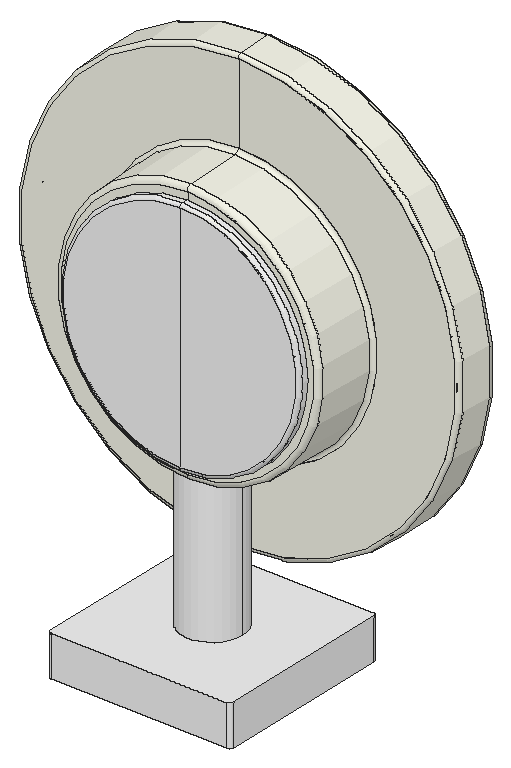
Revit family "Incepa_Acessorios_Neoclassic_Saboneteira_B5003CICR0", category Plumbing Fixtures, host Face, Revit 2014
Parameters (values of type "Saboneteira Neoclassic")
  Waste Connection = no
  WFU = 0
  Vent Connection = no
  URL = "http://www.incepa.com.br"
  Type Comments = ""
  Selo de Qualidade ofcdesk = "Standard"
  Saboneteira [instance] = Polyvinyl Chloride, Rigid
  Model = "B8002I2CR0"
  Metais [instance] = Celite - Cromado
  Manufacturer = "Incepa"
  Keynote = ""
  Incepa: Versão = "Autodesk Revit MEP 2014"
  Incepa: Tipo = "Saboneteiras"
  Incepa: Produto = "Metais"
  Incepa: Norma [instance] = "ABNT NBR 10282: 2003"
  Incepa: Linha = "Neoclassic"
  Incepa: Informações Técnicas = "N/A"
  Incepa: Informações Gerais = "N/A"
  Incepa: Fabricante = "Incepa"
  Incepa: Descrição = "Saboneteira Neoclassic (B8002I2CR0), Acessórios - Metais Incepa"
  Incepa: Código = "B8002I2CR0"
  Incepa: Cores Disponíveis = "Cromado"
  Incepa: Copyright © = "© 2014 Incepa"
  Incepa: Categoria = "Acessórios"
  Incepa: Altura da Peça [instance] = 0.00 mm
  HWFU = 0
  HW Connection = no
  Desenvolvido por = "ofcdesk"
  Description = "Saboneteira Neoclassic (B8002I2CR0), Acessórios - Metais Incepa"
  Default Elevation = 1400.00 mm
  Cost = 0
  CWFU = 0
  CW Connection = no
  Assembly Code = "D2010"
Reference planes
  plane 1 "Center (Front/Back)": y = 0
  plane 2: z = 0
  plane 3 "Center (Left/Right)": x = 0
Forms (mm)
  Extrusion 1, solid, material "Celite - Cromado" <- "Metais"
    sketch origin (0, 0, 0) x (1, 0, 0) y (0, 1, 0)
      loop
        circle (0, 0) r 7.5
    from 0 to 46.116
  Extrusion 2, solid, material "Celite - Cromado" <- "Metais"
    sketch origin (0, 0, 0) x (1, 0, 0) y (0, 1, 0)
      loop
        arc (-21.5, 22.5) -> (-22.207, 22.207) -> (-22.5, 21.5) r 1
        line (-22.5, 21.5) -> (-22.5, -21.5)
        arc (-22.5, -21.5) -> (-22.207, -22.207) -> (-21.5, -22.5) r 1
        line (-21.5, -22.5) -> (21.5, -22.5)
        arc (21.5, -22.5) -> (22.207, -22.207) -> (22.5, -21.5) r 1
        line (22.5, -21.5) -> (22.5, 21.5)
        arc (22.5, 21.5) -> (22.207, 22.207) -> (21.5, 22.5) r 1
        line (21.5, 22.5) -> (-21.5, 22.5)
    from 0 to 10
  Revolve 3, solid, material "Polyvinyl Chloride, Rigid" <- "Saboneteira"
    sketch origin (0, 0, 0) x (0, -1, 0) y (0, 0, 1)
      loop
        line (-9.05, 131.739) -> (-17.05, 132.139)
        arc (-17.05, 132.139) -> (-17.79, 131.865) -> (-18.1, 131.14) r 1
        line (-18.1, 131.14) -> (-18.1, 129.188) -> (-12.05, 128.885)
        arc (-12.05, 128.885) -> (-11.376, 128.576) -> (-11.1, 127.887) r 1
        line (-11.1, 127.887) -> (-11.1, 111.156)
        arc (-11.1, 111.156) -> (-10.165, 108.585) -> (-7.795, 107.217) r 4
        line (-7.795, 107.217) -> (4.645, 105.023) -> (4.645, 77.192) -> (7.645, 77.192) -> (7.645, 108.377)
        arc (7.645, 108.377) -> (7.275, 109.293) -> (6.373, 109.694) r 1.318
        line (6.373, 109.694) -> (-7.102, 110.165)
        arc (-7.102, 110.165) -> (-7.81, 110.48) -> (-8.1, 111.199) r 1.034
        line (-8.1, 111.199) -> (-8.1, 130.74)
        arc (-8.1, 130.74) -> (-8.376, 131.43) -> (-9.05, 131.739) r 1
      axis (-18.1, 77.192) -> (7.645, 77.192)
    angle from 0 to 360
  Revolve 4, solid, material "Celite - Cromado" <- "Metais"
    sketch origin (0, 0, 0) x (0, -1, 0) y (0, 0, 1)
      loop
        line (7.645, 77.192) -> (9.902, 77.192) -> (9.902, 105.866)
        arc (9.902, 105.866) -> (9.659, 106.454) -> (9.071, 106.698) r 0.832
        line (9.071, 106.698) -> (7.645, 106.698) -> (7.645, 77.192)
      axis (7.645, 77.192) -> (9.902, 77.192)
    angle from 0 to 360
Cuts and joins
  joined: Extrusion 1, Extrusion 2
Dimensions and locks
  aligned and locked: plane 2 to host face
  aligned and locked: level to host face
